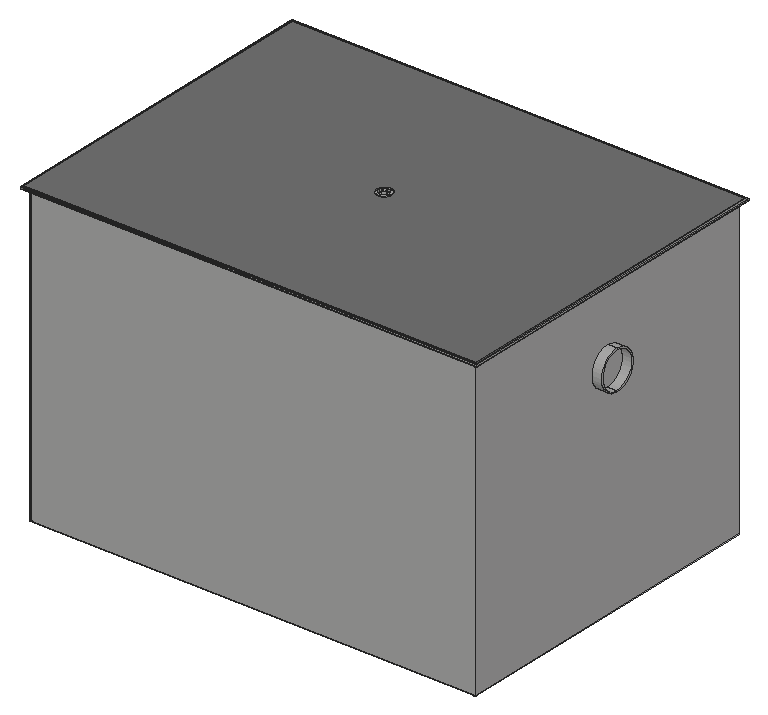
Revit family "Interceptor-Josam-Manual-Cleaning-On_Floor-Type-60100H-Series", category Plumbing Fixtures, Revit 2012
Parameters (values of type "60110H")
  Unit = Metal - Josam - Aluminum
  URL = "http://www.josam.com/catalog/JOS/pl=GI/60100H"
  Product Type = "Manual"  # constant formula
  Product Page URL = "http://www.josam.com/catalog/line/GI"
  Product Line = "Josam"  # constant formula
  Pipe Size = 4"
  Pipe Radius = Pipe Size / 2  # 2"
  Model = "60100H"  # constant formula
  Material Finesh = Plastic - Josam - Cast Iron
  Manufacturer Toll Free Phone = "800-365-6726"  # constant formula
  Manufacturer Phone = "800-365-6726"  # constant formula
  Manufacturer Fax = "800-627-0008"  # constant formula
  Manufacturer Email = "custserv@josam.com"
  Manufacturer Address = "525 W. US Hwy 20, Michigan City, IN 46360"  # constant formula
  Manufacturer = "Josam Company"  # constant formula
  G = D + C  # 31"
  F = 35"
  E = 47"
  Description = "Interceptor - Manual"  # constant formula
  Default Elevation = 48"
  D = 8"
  Subcategory = "Grease Interceptor"  # constant formula
  C = 23"
  95 CSI = ""
  04 CSI = "22 40 00"  # constant formula
Types (9): name | Pipe Size | Pipe Radius | G | F | E | D | C
  60102H | 2" | 1" | 11 5/8" | 13" | 14 7/8" | 3 3/8" | 8 1/4"
  60103H | 2" | 1" | 11 7/8" | 14 1/2" | 16 5/8" | 3 3/8" | 8 1/2"
  60104H | 2" | 1" | 12 7/8" | 17" | 20 3/8" | 3 3/8" | 9 1/2"
  60105H | 3" | 1 1/2" | 16 7/8" | 19" | 20 7/8" | 4 7/8" | 12"
  60106H | 3" | 1 1/2" | 17 7/8" | 21 1/2" | 23 3/8" | 4 7/8" | 13"
  60107H | 3" | 1 1/2" | 19 3/8" | 23" | 26 1/8" | 4 7/8" | 14 1/2"
  60108H | 3" | 1 1/2" | 21 3/8" | 25 1/2" | 27 7/8" | 4 7/8" | 16 1/2"
  60109H | 3" | 1 1/2" | 27" | 31" | 41" | 6" | 21"
  60110H | 4" | 2" | 31" | 35" | 47" | 8" | 23"
Reference planes (in)
  plane 1 "Center (Front/Back)": y = 0
  plane 2: z = 0
  plane 3 "Center (Left/Right)": x = 0
  plane 4: x = -23.5
  plane 5: x = 23.5
  plane 6: y = 17.5
  plane 7: y = -17.5
  plane 8: z = 31
  plane 9: z = 23
  plane 10: z = 30.73725
Dimensions and locks (in)
  equal spacing: plane 4, plane 3 "Center (Left/Right)", plane 5
  equal spacing: plane 6, plane 1 "Center (Front/Back)", plane 7
  "F": plane 6 to plane 7
  "E": plane 4 to plane 5
  "D": plane 8 to plane 9
  "C": plane 9 to plane 2
  plane 8 to level = 31"
  locked: plane 8 to plane 10 at 0.26275
  aligned and locked: plane 2 to level
  aligned and locked: plane 1 "Center (Front/Back)" to nested 1
  aligned and locked: plane 3 "Center (Left/Right)" to nested 1
Nested families (in)
  nested 1: "60100H" at (0, 0, 0), type "60100H"
    with Pipe Size 4", Pipe Radius 2", G 31", F 35", E 47", D 8", C 23"
Connectors (in)
  piping at (24.00166, 0, 23), driven by "Pipe Radius"
    settings: on nested 1, index 1, connector radius 2", flow factor 0, pipe flow 0 GPM, pressure drop 0.00 psi, fitting loss kfactor 0, connector angle 0.00°, fixture units 0, engagement length 0", flow configuration 0, flow direction 0, fitting loss method 0, system type 16, joint type 0, gender type 0, connector reference index -1, connector utility 0, adjustable connector no, is connector primary yes, fitting loss table "", connector description ""
  piping at (-24.01699, 0, 23), driven by "Pipe Radius"
    settings: on nested 1, index 2, connector radius 2", flow factor 0, pipe flow 0 GPM, pressure drop 0.00 psi, fitting loss kfactor 0, connector angle 0.00°, fixture units 0, engagement length 0", flow configuration 0, flow direction 0, fitting loss method 0, system type 16, joint type 0, gender type 0, connector reference index -1, connector utility 0, adjustable connector no, is connector primary no, fitting loss table "", connector description ""
Definition of nested family "60100H"
  Parameters (values of type "60100H")
    Unit = Metal - Josam - Aluminum
    Pipe Size = Pipe Radius * 2  # 2"
    Pipe Radius = 1"
    Material Finesh = Plastic - Josam - Cast Iron
    G = D + C  # 11 5/8"
    F = 13"
    E = 14 7/8"
    D = 3 3/8"
    C = 8 1/4"
  Reference planes (in)
    plane 1 "Center (Front/Back)": y = 0
    plane 2: z = 0
    plane 3 "Center (Left/Right)": x = 0
    plane 4: x = -7.4375
    plane 5: x = 7.4375
    plane 6: y = 6.5
    plane 7: y = -6.5
    plane 8: z = 11.625
    plane 9: z = 8.25
    plane 10: z = 11.36225
    plane 11: x = -6.92158
    plane 12: x = 6.92158
  Forms (in)
    Sweep 1, solid, material "Metal - Josam - Aluminum" <- "Unit", detail levels fine
      path origin (0, 0, 0) x (1, 0, 0) y (0, 1, 0)
        loop
          line (-7.4375, 6.5) -> (-7.4375, -6.5) -> (7.4375, -6.5) -> (7.4375, 6.5) -> (-7.4375, 6.5)
      profile origin (-7.4375, 0, 0) x (1, 0, 0) y (0, 0, 1)
        loop
          line (0.15203, 11.625) -> (0.08332, 11.625) -> (0.08332, 11.39633) -> (0.03408, 11.39633) -> (0.03408, 11.56191) -> (0, 11.56191) -> (0, 11.41183)
          arc (0, 11.41183) -> (0.0145, 11.37682) -> (0.04952, 11.36232) r 0.04952
          line (0.04952, 11.36232) -> (0.15203, 11.36225) -> (0.15203, 11.625)
    Extrusion 2, solid, material "Plastic - Josam - Cast Iron" <- "Material Finesh", detail levels fine
      sketch origin (0, 0, 0) x (1, 0, 0) y (0, 1, 0)
        loop
          line (-7.28547, 6.34797) -> (-7.28547, -6.34797) -> (7.28547, -6.34797) -> (7.28547, 6.34797) -> (-7.28547, 6.34797)
        loop
          circle (0, 0) r 0.75
      from 11.36225 to 11.625
    Sweep 3, solid, material "Metal - Josam - Aluminum" <- "Unit", detail levels fine
      path origin (0, 0, 0) x (1, 0, 0) y (0, 1, 0)
        loop
          line (-6.92158, -5.96875) -> (6.90625, -5.96875) -> (6.90625, 5.96875) -> (-6.92158, 5.96875) -> (-6.92158, -5.96875)
      profile origin (-6.92158, 0, 0) x (-1, 0, 0) y (0, 0, 1)
        loop
          line (-0.03195, 11.36225) -> (-0.06602, 11.36225) -> (-0.06602, 0.03125) -> (-0.03195, 0.03125) -> (-0.03195, 11.36225)
    Extrusion 4, solid, detail levels fine
      sketch origin (0, 0, 0) x (1, 0, 0) y (0, 0, 1)
        loop
          line (-6.88963, 0) -> (6.8743, 0) -> (6.8743, 0.03125) -> (-6.88963, 0.03125) -> (-6.88963, 0)
      from -5.9368 to 5.9368
    Revolve 5, solid, material "Metal - Josam - Aluminum" <- "Unit", detail levels fine
      sketch origin (0, 0, -0.58019) x (1, 0, 0) y (0, 0, 1)
        loop
          line (-6.88963, 9.83019) -> (-7.95449, 9.83019) -> (-7.95449, 9.73036) -> (-6.88963, 9.73036) -> (-6.88963, 9.83019)
        axis (-7.95449, 8.83019) -> (-6.88963, 8.83019)
      angle from 0 to 360
    Revolve 6, solid, material "Metal - Josam - Aluminum" <- "Unit", detail levels fine
      sketch origin (-0.04658, 0, -0.58019) x (-1, 0, 0) y (0, 0, -1)
        loop
          line (-6.92088, -9.83019) -> (-6.92088, -9.73036) -> (-7.98574, -9.73036) -> (-7.98574, -9.83019) -> (-6.92088, -9.83019)
        axis (-7.98574, -8.83019) -> (-6.92088, -8.83019)
      angle from 0 to 360
    Revolve 7, solid, material "Metal - Josam - Aluminum" <- "Unit", detail levels fine
      sketch origin (0, 0, 0) x (1, 0, 0) y (0, 0, 1)
        loop
          line (-0.13311, 9.94732) -> (0, 9.94732) -> (0, 11.77422) -> (-0.19707, 11.77422) -> (-0.22901, 11.74227) -> (-0.22901, 11.54461) -> (-0.13311, 11.54461) -> (-0.13311, 9.94732)
        loop
          line (-0.53243, 11.625) -> (-0.75234, 11.625) -> (-0.75234, 11.46075) -> (-0.66055, 11.46075)
          arc (-0.66055, 11.46075) -> (-0.61182, 11.3431) -> (-0.49417, 11.29437) r 0.16638
          line (-0.49417, 11.29437) -> (-0.19966, 11.29437) -> (-0.19966, 11.42748) -> (-0.48388, 11.42748)
          arc (-0.48388, 11.42748) -> (-0.51821, 11.4417) -> (-0.53243, 11.47603) r 0.04855
          line (-0.53243, 11.47603) -> (-0.53243, 11.625)
        axis (0, 11.77422) -> (0, 9.94732)
      angle from 0 to 360
  Lines and regions (in)
    Masking region 1, detail levels fine
      outline origin (0, 0, 0) x (1, 0, 0) y (0, 1, 0)
        loop
          line (-7.4375, 6.5) -> (-7.4375, -6.5) -> (7.4375, -6.5) -> (7.4375, 6.5) -> (-7.4375, 6.5)
    model lines, detail levels coarse+medium
      curve 1: line (7.93916, 0, 8.25) -> (6.8743, 0, 8.25)
      curve 2: line (7.93916, 1, 8.25) -> (7.93916, -1, 8.25)
      curve 3: line (-7.95449, 1, 8.25) -> (-7.95449, -1, 8.25)
      curve 4: line (-6.88963, 0, 8.25) -> (-7.95449, 0, 8.25)
      curve 11: line (-6.88963, 5.9368, 8.25) -> (6.8743, 5.9368, 8.25)
      curve 12: line (-6.88963, -5.9368, 8.25) -> (-6.88963, 5.9368, 8.25)
      curve 13: line (6.8743, -5.9368, 8.25) -> (-6.88963, -5.9368, 8.25)
      curve 14: line (6.8743, 5.9368, 8.25) -> (6.8743, -5.9368, 8.25)
    symbolic lines, detail levels fine
      curve 5: line (-7.28547, 6.34797, 0) -> (7.28547, 6.34797, 0)
      curve 6: line (-7.28547, -6.34797, 0) -> (-7.28547, 6.34797, 0)
      curve 7: line (7.28547, -6.34797, 0) -> (-7.28547, -6.34797, 0)
      curve 8: line (7.28547, 6.34797, 0) -> (7.28547, -6.34797, 0)
      curve 9: circle (0, 0, 0) r 0.75234 normal (0, 0, 1)
      curve 10: circle (0, 0, 0) r 0.22901 normal (0, 0, 1)
    symbolic lines, detail levels coarse+medium
      curve 15: line (7.4375, 6.5, 0) -> (-7.4375, 6.5, 0)
      curve 16: line (-7.4375, 6.5, 0) -> (-7.4375, -6.5, 0)
      curve 17: line (-7.4375, -6.5, 0) -> (7.4375, -6.5, 0)
      curve 18: line (7.4375, -6.5, 0) -> (7.4375, 6.5, 0)
  Dimensions and locks (in)
    equal spacing: plane 4, plane 3 "Center (Left/Right)", plane 5
    equal spacing: plane 6, plane 1 "Center (Front/Back)", plane 7
    "F": plane 6 to plane 7
    "E": plane 4 to plane 5
    "D": plane 8 to plane 9
    "C": plane 9 to plane 2
    plane 8 to level = 11 5/8"
    locked: plane 8 to plane 10 at 0.26275
    locked: plane 4 to plane 11 at 0.51592
    locked: plane 6 to Sweep 3 sketch curve at 0.53125
    locked: Sweep 3 sketch curve to plane 5 at 0.53125
    locked: plane 7 to Sweep 3 sketch curve at 0.53125
    locked: Sweep 3 sketch curve to Sweep 3 sketch curve at 0.03408
    plane 4 to plane 5 = 14 7/8"
    locked: Revolve 5 sketch curve to Revolve 5 sketch curve at 0.09983
    locked: Revolve 6 sketch curve to Revolve 6 sketch curve at 0.09983
    locked: Revolve 6 sketch curve to Revolve 6 sketch curve at 1.06486
    locked: Revolve 5 sketch curve to Sweep 3 at 1.06486
    locked: plane 4 to Extrusion 4 at 0.54787
    locked: plane 6 to Extrusion 4 at 0.5632
    locked: Extrusion 4 to plane 5 at 0.5632
    locked: plane 7 to Extrusion 4 at 0.5632
    locked: plane 12 to plane 5 at 0.51592
    "Pipe Radius": Revolve 5 sketch curve to plane 9
    "Pipe Radius": Revolve 6 sketch curve to plane 9
    equal spacing: curve 2, plane 1 "Center (Front/Back)", curve 2
    "Pipe Radius": curve 2 to plane 1 "Center (Front/Back)"
    equal spacing: curve 3, plane 1 "Center (Front/Back)", curve 3
    "Pipe Radius": curve 3 to plane 1 "Center (Front/Back)"
    aligned and locked: plane 2 to level
    aligned and locked: Sweep 1 sketch curve to plane 4
    aligned and locked: plane 5 to Sweep 1 sketch curve
    aligned and locked: plane 7 to Sweep 1 sketch curve
    aligned and locked: plane 8 to Extrusion 2
    aligned and locked: Extrusion 4 to Sweep 3  (x2)
    aligned and locked: Extrusion 4 sketch curve to Sweep 3
    aligned and locked: Sweep 3 sketch curve to plane 10
    aligned and locked: Revolve 6 to Sweep 3
    aligned and locked: plane 10 to Sweep 1 sketch curve
    aligned and locked: plane 9 to curve 1
    aligned and locked: Extrusion 2 to plane 10
    aligned and locked: Sweep 1 to Extrusion 2
    aligned and locked: Revolve 6 to curve 2
    aligned and locked: Revolve 5 to curve 3
    aligned and locked: curve 4 to Revolve 5
    aligned and locked: Masking region 1 sketch curve to plane 6
    aligned and locked: plane 5 to Masking region 1 sketch curve
    aligned and locked: plane 4 to Masking region 1 sketch curve
    aligned and locked: Masking region 1 sketch curve to plane 7
    aligned and locked: curve 14 to curve 1
    aligned and locked: curve 12 to Sweep 3
    aligned and locked: curve 15 to Sweep 1
    aligned and locked: curve 16 to Sweep 1
    aligned and locked: curve 17 to Sweep 1
    aligned and locked: curve 18 to Sweep 1
  Automatic sketch dimensions
    Sweep 1 sketch curve to plane 6 = 0"
    plane 1 "Center (Front/Back)" to Extrusion 2 sketch curve = 0"
    Extrusion 2 sketch curve to plane 3 "Center (Left/Right)" = 0"
    plane 11 to Extrusion 2 sketch curve = 0.36389"
    plane 12 to Extrusion 2 sketch curve = 0.36389"
    Extrusion 2 sketch curve to plane 7 = 0.15203"
    Extrusion 2 sketch curve to plane 6 = 0.15203"
    Sweep 3 sketch curve to plane 11 = 0"
    level to Sweep 3 sketch curve = 1/32"
    profile plane to Sweep 3 sketch curve = 0.06602"
    Extrusion 4 sketch curve to level = 0"
    Extrusion 4 sketch curve to plane 11 = 0.03195"
    Extrusion 4 sketch curve to Extrusion 4 sketch curve = 1/32"
    Revolve 5 sketch curve to plane 4 = 0.51699"
    Revolve 5 sketch curve to plane 11 = 0.03195"  (x2)
    Revolve 6 sketch curve to plane 5 = 0.47041"
    Revolve 6 sketch curve to plane 12 = 0.04727"
    Revolve 6 sketch curve to plane 12 = 0.07852"
    Revolve 7 sketch curve to plane 8 = 0"
    plane 10 to Revolve 7 sketch curve = 0.0985"
    Revolve 7 sketch curve to plane 3 "Center (Left/Right)" = 0.75234"
    Revolve 7 sketch curve to Revolve 7 sketch curve = 0.09178"
    Revolve 7 sketch curve to plane 10 = 0.06788"
    Revolve 7 sketch curve to Revolve 7 sketch curve = 0.03826"
    Revolve 7 sketch curve to Revolve 7 sketch curve = 0.01029"
    Revolve 7 sketch curve to plane 3 "Center (Left/Right)" = 0.22901"
    Revolve 7 sketch curve to plane 3 "Center (Left/Right)" = 0.19966"
    Revolve 7 sketch curve to Revolve 7 sketch curve = 0.03195"  (x2)
    Revolve 7 sketch curve to plane 3 "Center (Left/Right)" = 0.13311"
    Revolve 7 sketch curve to plane 3 "Center (Left/Right)" = 0"
    Revolve 7 sketch curve to Revolve 7 sketch curve = 0"  (x2)
    Revolve 7 sketch curve to Revolve 7 sketch curve = 1.34704"
    plane 10 to Revolve 7 sketch curve = 0.06522"
    Revolve 7 sketch curve to plane 8 = 0.08039"
    Revolve 7 sketch curve to plane 8 = 0.06309"
    plane 8 to Revolve 7 sketch curve = 0.11727"
    Revolve 5 sketch curve to plane 9 = 0"
    Revolve 6 sketch curve to plane 9 = 0"
    profile plane to Sweep 1 sketch curve = 0"
    Sweep 1 sketch curve to profile plane = 0.03408"
    Sweep 1 sketch curve to Sweep 1 sketch curve = 0.01544"
    Sweep 1 sketch curve to Sweep 1 sketch curve = 0"
    Sweep 1 sketch curve to Sweep 1 sketch curve = 0.04925"
    Sweep 1 sketch curve to Sweep 1 sketch curve = 0.0687"
    Sweep 1 sketch curve to Sweep 1 sketch curve = 0.00006"
    Sweep 1 sketch curve to Sweep 1 sketch curve = 0.0155"
    Sweep 1 sketch curve to Sweep 1 sketch curve = 0.15008"
    Sweep 1 sketch curve to Sweep 1 sketch curve = 0.06309"
    curve 11 to plane 6 = 0.5632"
    curve 13 to plane 7 = 0.5632"
    curve 4 to plane 9 = 0"
    curve 4 to plane 11 = 0.03195"
    curve 1 to plane 12 = 0.04727"
    curve 1 to plane 5 = 0.50166"
    curve 9 to curve 10 = 0"  (x2)
    plane 1 "Center (Front/Back)" to curve 9 = 0"
    curve 9 to plane 3 "Center (Left/Right)" = 0"
    plane 4 to curve 5 = 0.15203"
    plane 5 to curve 5 = 0.15203"
    curve 6 to plane 7 = 0.15203"
    curve 5 to plane 6 = 0.15203"
    radius of Extrusion 2 sketch curve = 3/4"
    radius of curve 9 = 0.75234"
    radius of curve 10 = 0.22901"
